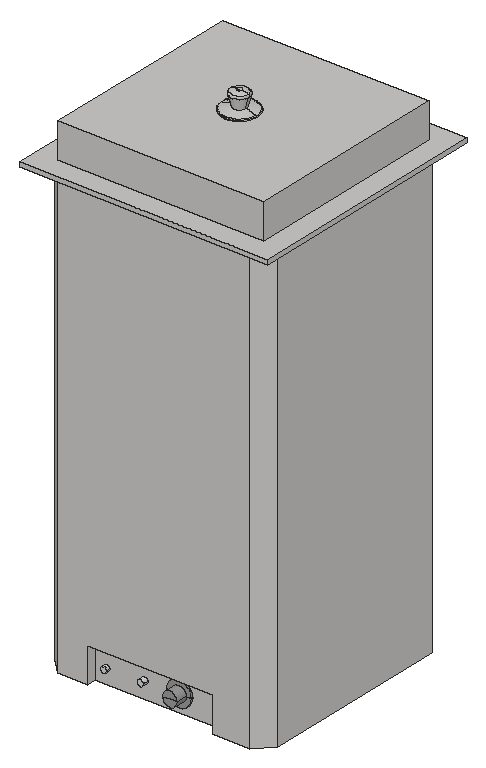
Revit family "QF_BOURGEAT_silo_encastrable_modele_carre_assiettes285", category Equipement spécialisé, Revit 2015
Parameters (values of type "silo_carre_assiettes285_neutre")
  prof_const = 385 mm
  larg_const = 385 mm
  diag_const = 369 mm
  URL catalogue = "http://www.bourgeat.fr"
  URL = ""
  Type de Raccord Electrique = ""
  Type article = ""
  Tension = 0 V
  Spécification du Fabricant = "SILO A NIVEAU CONSTANT ENCASTRABLE"
  Remarques Electricité = ""
  Puissance électrique  = 0 W
  Profondeur hors tout = 428 mm
  Poids net à vide = 13.00 kg
  Phase = 0
  Modèle = "777534"
  Longueur hors tout = 428 mm
  Intensité nominale = 0 A
  Indice de protection = "0"
  Hauteur hors tout = 833 mm
  Fréquence = 0 Hz
  Fabricant = "BOURGEAT"
  Contact SAV = "0033(0)4.76.32.14.44"
  Charge max = 80.00 kg
Types (3, lengths in mm): name | Tension | Puissance électrique  | Phase | Modèle | Intensité nominale | Indice de protection | Fréquence
  (no name) | 0 V | 0 W | 0 | "777534" | 0 A | "0" | 0 Hz
  silo_carre_assiettes285_chauffant_non_ventile | 230 V | 900 W | 2 | "777434" | 3.91304 A | "21" | 50 Hz
  silo_carre_assiettes285_neutre | 0 V | 0 W | 0 | "777534" | 0 A | "0" | 0 Hz
Reference planes
  plane 1 "Centre (avant/arrière)": y = 0
  plane 2: z = 0
  plane 3 "Centre (gauche/droite)": x = 0
  plane 4: x = 192.5
  plane 5: x = -192.5
  plane 6: y = 192.5
  plane 7: y = -192.5
  plane 8: through (-178.898, -178.898, 1200) normal (-0.7071, -0.7071, 0)
  plane 9: through (178.898, 178.898, 1200) normal (0.7071, 0.7071, 0)
  plane 10: through (-178.898, 178.898, 1200) normal (-0.7071, 0.7071, 0)
  plane 11: through (178.898, -178.898, 1200) normal (0.7071, -0.7071, 0)
  plane 12: z = 774
  plane 13: z = 782
  plane 14: y = 177.5
  plane 15: y = -177.5
  plane 16: x = -177.5
  plane 17: x = 177.5
  plane 18: x = 102
  plane 19: x = -115
  plane 20: z = 60
  plane 21: y = -175.5
  plane 22: z = 833
  plane 23: through (0, 0, 1200) normal (-0.7071, 0.7071, 0)
  plane 24: through (0, 0, 1200) normal (-0.7071, -0.7071, 0)
  plane 25: x = 177.5
  plane 26: x = -177.5
  plane 27: y = 177.5
  plane 28: y = -177.5
  plane 29: z = 842
  plane 30: x = 214
  plane 31: x = -214
  plane 32: y = 214
  plane 33: y = -214
Forms (mm)
  Extrusion 1, solid, material "Acier inoxydable, brossé"
    sketch origin (0, 0, 0) x (1, 0, 0) y (0, 1, 0)
      loop
        line (-165.296, 192.5) -> (-192.5, 165.296) -> (-192.5, -165.296) -> (-165.296, -192.5) -> (165.296, -192.5) -> (192.5, -165.296) -> (192.5, 165.296) -> (165.296, 192.5) -> (-165.296, 192.5)
    from 0 to 774
  Extrusion 2, void
    sketch origin (0, 0, 0) x (1, 0, 0) y (0, 0, 1)
      loop
        line (-115, 60) -> (-115, 0) -> (102, 0) -> (102, 60) -> (-115, 60)
    from 175.5 to 250
  Extrusion 3, solid
    sketch origin (55.674, 0, -1.465) x (1, 0, 0) y (0, 0, 1)
      loop
        circle (-85.123, 30.5) r 5
    from 175.5 to 184.53
  Extrusion 4, solid, material "Acier inoxydable, brossé"
    sketch origin (0, 0, 0) x (1, 0, 0) y (0, 1, 0)
      loop
        line (-177.5, 177.5) -> (-177.5, -177.5) -> (177.5, -177.5) -> (177.5, 177.5) -> (-177.5, 177.5)
    from 782 to 842
  Extrusion 5, solid, material "Acier inoxydable, brossé"
    sketch origin (0, 0, 0) x (1, 0, 0) y (0, 1, 0)
      loop
        line (-214, 214) -> (-214, -214) -> (214, -214) -> (214, 214) -> (-214, 214)
    from 782 to 774
Cuts and joins
  Extrusion 2 cuts Extrusion 1
Dimensions and locks
  "larg_const": plane 5 to plane 4
  "prof_const": plane 6 to plane 7
  plane 10 to plane 23 to plane 11 = 253 mm, 253 mm
  plane 9 to plane 24 to plane 8 = 253 mm, 253 mm
  equal spacing: plane 6, plane 1 "Centre (avant/arrière)", plane 7
  plane 14 to plane 1 "Centre (avant/arrière)" to plane 15 = 177.5 mm, 177.5 mm
  plane 16 to plane 3 "Centre (gauche/droite)" to plane 17 = 177.5 mm, 177.5 mm
  plane 22 to plane 2 = 833 mm
  plane 4 to plane 18 = 90.5 mm
  locked: plane 19 to plane 18 at 217
  equal spacing: plane 5, plane 3 "Centre (gauche/droite)", plane 4
  cut or joined group of Extrusion 1, Extrusion 2 to plane 21 = 17 mm
  plane 27 to plane 1 "Centre (avant/arrière)" to plane 28 = 177.5 mm, 177.5 mm
  plane 26 to plane 3 "Centre (gauche/droite)" to plane 25 = 177.5 mm, 177.5 mm
  plane 32 to plane 33 = 428 mm
  plane 31 to plane 30 = 428 mm
  equal spacing: plane 19, nested 2, plane 18
  plane 12 to plane 2 = 774 mm
  locked: plane 13 to plane 12 at 8
  locked: plane 29 to plane 13 at 60
  aligned and locked: level to plane 2
  aligned and locked: plane 12 to Extrusion 1
  aligned and locked: Extrusion 2 sketch curve to plane 20
  aligned and locked: Extrusion 2 sketch curve to plane 19
  aligned and locked: plane 2 to Extrusion 2 sketch curve
  aligned and locked: Extrusion 2 sketch curve to plane 18
  aligned and locked: plane 21 to cut or joined group of Extrusion 1, Extrusion 2
  aligned and locked: cut or joined group of Extrusion 1, Extrusion 2 to Extrusion 3
  aligned and locked: plane 10 to Extrusion 1 sketch curve
  aligned and locked: plane 6 to Extrusion 1 sketch curve
  aligned and locked: plane 9 to Extrusion 1 sketch curve
  aligned and locked: plane 4 to Extrusion 1 sketch curve
  aligned and locked: plane 11 to Extrusion 1 sketch curve
  aligned and locked: plane 7 to Extrusion 1 sketch curve
  aligned and locked: plane 5 to Extrusion 1 sketch curve
  aligned and locked: plane 8 to Extrusion 1 sketch curve
  aligned and locked: plane 21 to nested 1
  aligned and locked: Extrusion 4 sketch curve to plane 27
  aligned and locked: Extrusion 4 sketch curve to plane 26
  aligned and locked: Extrusion 4 sketch curve to plane 28
  aligned and locked: Extrusion 4 sketch curve to plane 25
  aligned and locked: plane 29 to Extrusion 4
  aligned and locked: Extrusion 4 to plane 13
  aligned and locked: nested 2 to plane 29
  aligned and locked: Extrusion 5 sketch curve to plane 32
  aligned and locked: Extrusion 5 sketch curve to plane 31
  aligned and locked: Extrusion 5 sketch curve to plane 33
  aligned and locked: Extrusion 5 sketch curve to plane 30
  aligned and locked: plane 13 to Extrusion 5
  aligned and locked: Extrusion 5 to plane 12
Automatic sketch dimensions
  Extrusion 3 sketch curve to plane 19 = 85.552 mm
  Extrusion 3 sketch curve to plane 20 = 30.965 mm
  radius of Extrusion 3 sketch curve = 5 mm
Nested families
  nested 1: "bouton_rond" at (31, -175.5, 30.5) x (-1, 0, 0) z (0, 0, 1), type "bouton_rond"
  nested 2: "couvercle_rond" at (-6.5, 0, -166), type "couvercle_rond"
  nested 3: "Famille3" at (-95.5, -175.5, 25) x (1, 0, 0) z (0, -1, 0), type "Famille3"
Connectors
  electrical at (-95.5, -181.471, 25), driven by "Tension"
    settings: on nested 3, index 1, voltage 0 V, apparent load 0 VA, apparent load phase1 900 VA, apparent load phase2 0 VA, apparent load phase3 0 VA, power factor 1, load classification "Autre", number of poles 1, system type 30, power factor state 1, is connector primary yes, connector utility no, sub classification motor no, connector description ""
Definition of nested family "bouton_rond"
  Reference planes
    plane 1 "Centre (avant/arrière)": y = 0
    plane 2: z = 0
    plane 3 "Centre (gauche/droite)": x = 0
    plane 4: y = 2
    plane 5: y = 21
    plane 6: x = -21.5
    plane 7: x = -12.5
  Forms (mm)
    Revolve 1, solid
      sketch origin (0, 0, 0) x (1, 0, 0) y (0, 1, 0)
        loop
          line (0, 0) -> (0, 21) -> (-12.5, 21) -> (-12.5, 2) -> (-21.5, 2) -> (-21.5, 0) -> (0, 0)
        axis (0, 21) -> (0, 0)
      angle from 0 to 360
  Dimensions and locks
    aligned and locked: level to plane 2
Definition of nested family "couvercle_rond"
  Parameters (values of type "couvercle_rond")
    diametre = 328 mm
    Profondeur_hors_tout = 505 mm
    Largeur_hors_tout = 442 mm
  Reference planes
    plane 1 "Centre (avant/arrière)": y = 0
    plane 2: z = 0
    plane 3 "Centre (gauche/droite)": x = 0
    plane 4: x = 252.5
    plane 5: x = -252.5
    plane 6: y = 221
    plane 7: y = -221
    plane 8: z = 165
    plane 9: z = 898
    plane 10: z = 845
    plane 11: z = 186.5
    plane 12: z = 1048
    plane 13: x = -164
    plane 14: x = 164
    plane 15: z = 1008
    plane 16: x = 31
    plane 17: x = -31
  Forms (mm)
    Revolve 1, solid
      sketch origin (0, 0, -9) x (1, 0, 0) y (0, 0, 1)
        loop
          line (0, 1048) -> (-5, 1048)
          arc (-5, 1048) -> (-10.071, 1047.323) -> (-14.787, 1045.338) r 19.326
          arc (-14.787, 1045.338) -> (-16.044, 1043.889) -> (-16.166, 1041.975) r 3
          line (-16.166, 1041.975) -> (-11.137, 1023.206) -> (-30.225, 1018.799)
          arc (-30.225, 1018.799) -> (-30.783, 1018.447) -> (-31, 1017.825) r 1
          line (-31, 1017.825) -> (-31, 1017) -> (0, 1017) -> (0, 1048)
        axis (0, 1048) -> (0, 1017)
      angle from 0 to 360
  Dimensions and locks
    equal spacing: plane 6, plane 1 "Centre (avant/arrière)", plane 7
    "Largeur_hors_tout": plane 6 to plane 7
    "Profondeur_hors_tout": plane 5 to plane 4
    equal spacing: plane 5, plane 3 "Centre (gauche/droite)", plane 4
    equal spacing: plane 13, plane 3 "Centre (gauche/droite)", plane 14
    plane 15 to plane 9 = 110 mm
    "diametre": plane 13 to plane 14
    aligned and locked: level to plane 2
    aligned and locked: Revolve 1 to plane 15
  Automatic sketch dimensions
    plane 15 to Revolve 1 sketch curve = 0 mm
    plane 17 to Revolve 1 sketch curve = 0 mm
    Revolve 1 sketch curve to plane 12 = 9 mm
    Revolve 1 sketch curve to plane 3 "Centre (gauche/droite)" = 0 mm  (x2)
    Revolve 1 sketch curve to plane 17 = 0.775 mm
    Revolve 1 sketch curve to Revolve 1 sketch curve = 0.225 mm
    Revolve 1 sketch curve to plane 12 = 15.025 mm
    Revolve 1 sketch curve to plane 17 = 14.834 mm
    Revolve 1 sketch curve to Revolve 1 sketch curve = 2.898 mm
    Revolve 1 sketch curve to plane 3 "Centre (gauche/droite)" = 11.137 mm
    Revolve 1 sketch curve to plane 3 "Centre (gauche/droite)" = 5 mm
    plane 15 to Revolve 1 sketch curve = 0.825 mm
    plane 15 to Revolve 1 sketch curve = 6.206 mm
    Revolve 1 sketch curve to Revolve 1 sketch curve = 5.468 mm
    Revolve 1 sketch curve to Revolve 1 sketch curve = 0.776 mm
    Revolve 1 sketch curve to Revolve 1 sketch curve = 5.041 mm
    Revolve 1 sketch curve to plane 12 = 5.041 mm
Definition of nested family "Famille3"
  Parameters (values of type "Famille3")
    Default Elevation = 1219.2 mm
  Reference planes
    plane 1 "Centre (avant/arrière)": y = 0
    plane 2: z = 0
    plane 3 "Centre (gauche/droite)": x = 0
  Forms (mm)
    Extrusion 1, solid
      sketch origin (0, 0, 0) x (1, 0, 0) y (0, 1, 0)
        loop
          line (-1219.2, 1219.2) -> (-1219.2, -1219.2) -> (1219.2, -1219.2) -> (1219.2, 1219.2) -> (-1219.2, 1219.2)
      from 0 to -304.8
    Extrusion 2, solid
      sketch origin (0, 0, 0) x (1, 0, 0) y (0, 1, 0)
        loop
          circle (0, 0) r 5
      from 0 to 5.971
  Dimensions and locks
    aligned and locked: plane 2 to Extrusion 1
    aligned and locked: level to Extrusion 1
